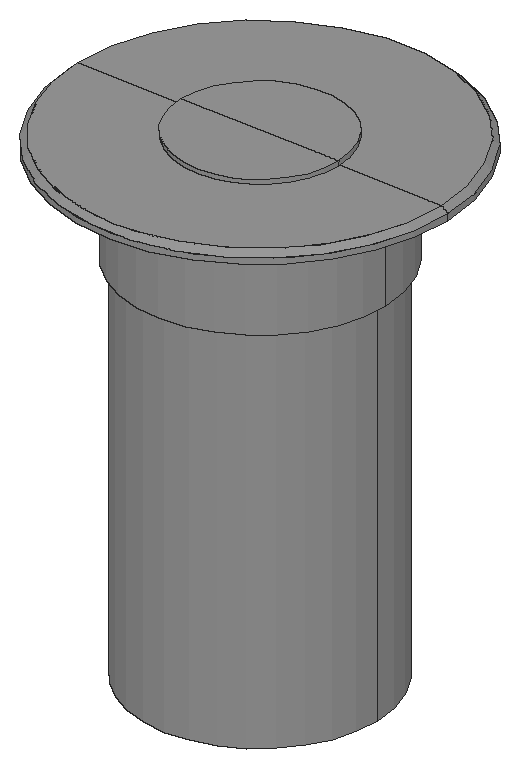
Revit family "Interrata - Copy - Copy (2)", category Lighting Fixtures, host Face, Revit 2017
Family settings
  Host = Face
  Round Connector Dimension = Use Diameter
  Part Type = Normal
  OmniClass Number = 23.80.70.00
  OmniClass Title = Lighting
  Cut with Voids When Loaded = No
  Light Source = No
  Shared = No
  Room Calculation Point = No
Parameters (values of type "0049037")
  XS_SYL = yes
  Weight = ""
  Wattage Comments = ""
  WarrantyStartDate [instance] = "n/a"
  WarrantyGuarantorParts = "n/a"
  WarrantyDurationUnit = "n/a"
  WarrantyDurationParts = "n/a"
  WarrantyDescription = "n/a"
  Voltage = 0 V
  URL = "http://www.sylvania-lighting.com"
  TypeName = ""
  TypeLamp_SYL = Interrata Lamp : 0049037 INTERRATA XS  FROSTED 100LM 840 
  Type Image = <None>
  Type Comments = "n/a"
  Thickness_SYL = 2.5 mm  # constant formula
  Step2_SYL = if(XS_SYL, 99.8 mm, if(S_SYL, 121 mm, if(L_SYL, 236 mm, 206 mm)))  # 99.8 mm
  Step1_SYL = if(XS_SYL, 26.2 mm, if(S_SYL, 15 mm, if(L_SYL, 19.5 mm, 17.5 mm)))  # 26.2 mm
  SerialNumber [instance] = "n/a"
  S_SYL = no
  RotationAngle_SYL [instance] = 0.00°
  RingHeight_SYL = if(XS_SYL, 3 mm, if(S_SYL, 3 mm, if(L_SYL, 4 mm, 2.8 mm)))  # 3 mm
  RevolutionAxisFromRefLevel_SYL = if(XS_SYL, 27 mm, if(S_SYL, 45 mm, if(L_SYL, 74 mm, 59.5 mm)))  # 27 mm
  Radius_SYL = if(XS_SYL, 50 mm, if(S_SYL, 60 mm, if(L_SYL, 130 mm, 100 mm)))  # 50 mm
  Radius3_SYL = if(XS_SYL, 31.5 mm, if(S_SYL, 41.7 mm, if(L_SYL, 112 mm, 96 mm)))  # 31.5 mm
  Radius2_SYL = if(XS_SYL, 33.5 mm, if(S_SYL, 53 mm, if(L_SYL, 124 mm, 98 mm)))  # 33.5 mm
  Material_3_SYL = none
  PowerFactor = 0
  PowerConsumption = ""
  NominalLength = 0 mm
  NominalHeight = 0 mm
  NominalDepth = 0 mm
  Name = ""
  ModelReference = Name  # ""
  ModelNumber = ""
  Model = Name  # ""
  Material = ""
  ManufacturerName = "Feilo Sylvania"
  Manufacturer = "Feilo Sylvania"
  L_SYL = no
  LuminousEfficacy = ""
  LuminaireType = ""
  LightOutputRatio = ""
  LampsType = Lamp  # ""
  EndAngle_SYL [instance] = RotationAngle_SYL + 180.00°  # 180.00°
  BodyThickness_SYL = 3 mm  # constant formula
  BodyHeight3_SYL = if(XS_SYL, 80 mm, if(S_SYL, 45 mm, if(L_SYL, 21 mm, 29.4 mm)))  # 80 mm
  BodyRad_SYL = if(XS_SYL, 30 mm, if(S_SYL, 50 mm, if(L_SYL, 120 mm, 95 mm)))  # 30 mm
  LampNominalLuminous = ""
  LampMacAdamStep = ""
  BodyRad2_SYL = if(XS_SYL, 16.5 mm, if(S_SYL, 35.5 mm, if(L_SYL, 82.5 mm, 54.5 mm)))  # 16.5 mm
  BodyRad1_SYL = if(XS_SYL, 23.6 mm, if(S_SYL, 35.5 mm, if(L_SYL, 99.4 mm, 68.5 mm)))  # 23.6 mm
  BodyHeight4_SYL = if(XS_SYL, 5.5 mm, if(S_SYL, 45 mm, if(L_SYL, 82.2 mm, 66.6 mm)))  # 5.5 mm
  BodyHeight2_SYL = if(XS_SYL, 4.5 mm, if(S_SYL, 5.5 mm, if(L_SYL, 34 mm, 19.5 mm)))  # 4.5 mm
  BodyHeight1_SYL = if(XS_SYL, 4.5 mm, if(S_SYL, 4 mm, if(L_SYL, 14 mm, 9.5 mm)))  # 4.5 mm
  LampColourTemperature = ""
  LampColourRenderingIndex = ""
  Lamp = ""
  Keynote = "16500"
  InstallationDate [instance] = "n/a"
  InputVoltage = ""
  InputNominalFrequency = ""
  IngressProtection = ""
  ImpactProtectionIndex = ""
  IfcExportType = "IfcLightFixtureType"
  IfcExportAs = "IfcLightFixtureType"
  ElectricShockClassification = ""
  DocumentationLiterature = ""
  DimmingControlOptions = ""
  Material_2_SYL = Polycarbonate, Clear
  DiffuserRad_SYL = if(XS_SYL, 21 mm, if(S_SYL, 33 mm, if(L_SYL, 94 mm, 66 mm)))  # 21 mm
  Description = ""
  Default Elevation = 100 mm
  CreatedOn = ""
  CreatedBy = ""
  Cost = 0
  built-in parameter 1114216 [instance] = (empty or 0)
  ClassificationValue = "EF_70_80"
  ClassificationName = "Uniclass2015"
  Material_1_SYL = Stainless Steel
  Chamfer_SYL = 1.5 mm  # constant formula
  BarCode [instance] = "n/a"
  AssetType = ""
  AssetIdentifier [instance] = "n/a"
  Assembly Code = "D5020200"
  Apparent Load = 0 VA
  Material_4_SYL = none
Types (10, lengths in mm): name | XS_SYL | TypeLamp_SYL | Step2_SYL | Step1_SYL | S_SYL | RingHeight_SYL | RevolutionAxisFromRefLevel_SYL | Radius_SYL | Radius3_SYL | Radius2_SYL | L_SYL | BodyHeight3_SYL | BodyRad_SYL | BodyRad2_SYL | BodyRad1_SYL | BodyHeight4_SYL | BodyHeight2_SYL | BodyHeight1_SYL | DiffuserRad_SYL
  0049036 | yes | Interrata Lamp : 0049036 INTERRATA XS  FROSTED 100LM 830  | 99.8 | 26.2 | no | 3 | 27 | 50 | 31.5 | 33.5 | no | 80 | 30 | 16.5 | 23.6 | 5.5 | 4.5 | 4.5 | 21
  0049042 | no | Interrata Lamp : 0049042 INTERRATA ADJUSTABLE M  CL 1000LM 830 MB | 206 | 17.5 | no | 2.8 | 59.5 | 100 | 96 | 98 | no | 29.4 | 95 | 54.5 | 68.5 | 66.6 | 19.5 | 9.5 | 66
  0049043 | no | Interrata Lamp : 0049043 INTERRATA ADJUSTABLE M  CL 1000LM 840 MB | 206 | 17.5 | no | 2.8 | 59.5 | 100 | 96 | 98 | no | 29.4 | 95 | 54.5 | 68.5 | 66.6 | 19.5 | 9.5 | 66
  0049044 | no | Interrata Lamp : 0049044 INTERRATA ADJUSTABLE L  CL 2000LM 830 MB | 236 | 19.5 | no | 4 | 74 | 130 | 112 | 124 | yes | 21 | 120 | 82.5 | 99.4 | 82.2 | 34 | 14 | 94
  0049037 | yes | Interrata Lamp : 0049037 INTERRATA XS  FROSTED 100LM 840  | 99.8 | 26.2 | no | 3 | 27 | 50 | 31.5 | 33.5 | no | 80 | 30 | 16.5 | 23.6 | 5.5 | 4.5 | 4.5 | 21
  0049039 | yes | Interrata Lamp : 0049039 INTERRATA XS  CLEAR 100LM 840 NB | 99.8 | 26.2 | no | 3 | 27 | 50 | 31.5 | 33.5 | no | 80 | 30 | 16.5 | 23.6 | 5.5 | 4.5 | 4.5 | 21
  0049038 | yes | Interrata Lamp : 0049038 INTERRATA XS  CLEAR 100LM 830 NB | 99.8 | 26.2 | no | 3 | 27 | 50 | 31.5 | 33.5 | no | 80 | 30 | 16.5 | 23.6 | 5.5 | 4.5 | 4.5 | 21
  0049040 | no | Interrata Lamp : 0049040 INTERRATA ADJUSTABLE S  CL 400LM 830 MB | 121 | 15 | yes | 3 | 45 | 60 | 41.7 | 53 | no | 45 | 50 | 35.5 | 35.5 | 45 | 5.5 | 4 | 33
  0049041 | no | Interrata Lamp : 0049041 INTERRATA ADJUSTABLE S  CL 400LM 840 MB | 121 | 15 | yes | 3 | 45 | 60 | 41.7 | 53 | no | 45 | 50 | 35.5 | 35.5 | 45 | 5.5 | 4 | 33
  0049045 | no | Interrata Lamp : 0049045 INTERRATA ADJUSTABLE L  CL 2000LM 840 MB | 236 | 19.5 | no | 4 | 74 | 130 | 112 | 124 | yes | 21 | 120 | 82.5 | 99.4 | 82.2 | 34 | 14 | 94
Reference planes
  plane 1 "Center (Front/Back)": y = 0
  plane 2: z = 1.5
  plane 3 "Center (Left/Right)": x = 0
  plane 4: z = 3
  plane 5: x = -21
  plane 6: x = -48.5
  plane 7: x = -50
  plane 8: x = -33.5
  plane 9: z = 4
  plane 10: z = -26.2
  plane 11: z = -126
  plane 12: x = -31.5
  plane 13: x = -30
  plane 14: z = -4.5
  plane 15: z = -9
  plane 16: x = -31
  plane 17: z = -23.7
  plane 18: x = -29
  plane 19: z = -89
  plane 20: z = -94.5
  plane 21: x = -23.6
  plane 22: x = -16.5
  plane 23: x = -27
  plane 24: x = -20.6
  plane 25: x = -13.5
  plane 26: z = -91.5
  plane 27: z = -1.5
  plane 28: z = -27
Forms (mm)
  Revolve 1, solid, material "Stainless Steel" <- "Material_1_SYL"
    sketch origin (0, 0, 0) x (1, 0, 0) y (0, 0, 1)
      loop
        line (-21, 3) -> (-48.5, 3) -> (-50, 1.5) -> (-50, 0) -> (-33.5, 0) -> (-33.5, -26.2) -> (-31.5, -26.2) -> (-31.5, -126) -> (-29, -126) -> (-29, -23.7) -> (-31, -23.7) -> (-31, 0) -> (-21, 0) -> (-21, 3)
      axis (0, 3) -> (0, -126)
    angle from 360 to 0
  Revolve 2, void
    sketch origin (0, 0, 0) x (1, 0, 0) y (0, 0, 1)
      loop
        line (-33.5, 0) -> (-33.5, -126) -> (0, -126) -> (0, 0) -> (-33.5, 0)
      axis (0, 0) -> (0, -126)
    angle from 360 to 0
  Revolve 3, solid, material "Polycarbonate, Clear" <- "Material_2_SYL", detail levels medium+fine
    sketch origin (0, 0, 0) x (1, 0, 0) y (0, 0, 1)
      loop
        line (0, 4) -> (-21, 4) -> (-21, 1.5) -> (0, 1.5) -> (0, 4)
      axis (0, 4) -> (0, 1.5)
    angle from 360 to 0
  Revolve 4, solid, detail levels medium+fine
    sketch origin (0, 0, 0) x (1, 0, 0) y (0, 0, 1)
      loop
        line (-27, 0) -> (-30, 0) -> (-30, -4.5) -> (-23.6, -4.5) -> (-23.6, -9) -> (-16.5, -89) -> (-16.5, -94.5) -> (0, -94.5) -> (0, -91.5) -> (-13.5, -91.5) -> (-13.5, -88.322) -> (-20.6, -8.322) -> (-20.6, -1.5) -> (-27, -1.5) -> (-27, 0)
      axis (0, 0) -> (0, -94.5)
    angle from 360 to 0
  Revolve 5, solid
    sketch origin (-1524.19, -4572, -27) x (-1, 0, 0) y (0, -1, 0)
      loop
        line (-1524.19, -4572) -> (-1524.19, -4582) -> (-1514.19, -4582) -> (-1514.19, -4572) -> (-1524.19, -4572)
      axis (-1524.19, -4582) -> (-1524.19, -4572)
    angle from 0 <- "RotationAngle_SYL" to 180 <- "EndAngle_SYL"
Dimensions and locks
  "DiffuserRad_SYL": plane 3 "Center (Left/Right)" to plane 5
  "Radius_SYL": plane 3 "Center (Left/Right)" to plane 7
  "Chamfer_SYL": plane 6 to plane 7
  "Radius2_SYL": plane 3 "Center (Left/Right)" to plane 8
  locked: plane 9 to plane 4 at 1
  "RingHeight_SYL": plane 4 to level
  "Chamfer_SYL": plane 4 to plane 2
  "Step1_SYL": level to plane 10
  "Step2_SYL": plane 10 to plane 11
  "Radius3_SYL": plane 3 "Center (Left/Right)" to plane 12
  "BodyRad_SYL": plane 3 "Center (Left/Right)" to plane 13
  "BodyHeight1_SYL": level to plane 14
  "BodyHeight2_SYL": plane 14 to plane 15
  "Thickness_SYL": plane 16 to plane 8
  "Thickness_SYL": plane 17 to plane 10
  "Thickness_SYL": plane 18 to plane 12
  "BodyHeight3_SYL": plane 15 to plane 19
  "BodyHeight4_SYL": plane 19 to plane 20
  "BodyRad1_SYL": plane 3 "Center (Left/Right)" to plane 21
  "BodyRad2_SYL": plane 3 "Center (Left/Right)" to plane 22
  "BodyThickness_SYL": plane 26 to plane 20
  "BodyThickness_SYL": plane 25 to plane 22
  "BodyThickness_SYL": plane 24 to plane 21
  "BodyThickness_SYL": plane 23 to plane 13
  "BodyThickness_SYL": plane 27 to plane 14
  "RevolutionAxisFromRefLevel_SYL": level to plane 28
  aligned and locked: level to host face
  aligned and locked: Revolve 1 sketch curve to plane 4
  aligned and locked: plane 7 to Revolve 1 sketch curve
  aligned and locked: Revolve 1 sketch curve to level
  aligned and locked: plane 10 to Revolve 1 sketch curve
  aligned and locked: Revolve 1 sketch curve to plane 12
  aligned and locked: plane 5 to Revolve 1 sketch curve
  aligned and locked: Revolve 1 sketch curve to plane 3 "Center (Left/Right)"
  aligned and locked: Revolve 1 sketch curve to plane 11
  aligned and locked: Revolve 2 sketch curve to plane 3 "Center (Left/Right)"  (x2)
  aligned and locked: Revolve 3 sketch curve to plane 9
  aligned and locked: Revolve 3 sketch curve to plane 5
  aligned and locked: Revolve 3 sketch curve to plane 2
  aligned and locked: plane 3 "Center (Left/Right)" to Revolve 3 sketch curve
  aligned and locked: Revolve 3 sketch curve to plane 3 "Center (Left/Right)"
  aligned and locked: Revolve 1 sketch curve to plane 18
  aligned and locked: plane 17 to Revolve 1 sketch curve
  aligned and locked: Revolve 4 sketch curve to plane 3 "Center (Left/Right)"  (x2)
  aligned and locked: Revolve 4 sketch curve to plane 26
  aligned and locked: Revolve 4 sketch curve to plane 20
  aligned and locked: Revolve 4 sketch curve to plane 22
  aligned and locked: Revolve 4 sketch curve to plane 25
  aligned and locked: plane 15 to Revolve 4 sketch curve
  aligned and locked: plane 21 to Revolve 4 sketch curve
  aligned and locked: Revolve 1 sketch curve to plane 8
  aligned and locked: Revolve 1 sketch curve to plane 16
  aligned and locked: plane 8 to Revolve 2 sketch curve
  aligned and locked: Revolve 2 sketch curve to level
  aligned and locked: Revolve 2 sketch curve to plane 11
  aligned and locked: Revolve 5 sketch curve to plane 1 "Center (Front/Back)"
  aligned and locked: Revolve 5 sketch curve to plane 3 "Center (Left/Right)"  (x2)
Automatic sketch dimensions
  host sketch curve to host sketch curve = 632.037 mm  (x2)
  plane 11 to Revolve 3 sketch curve = 386.1 mm
  Revolve 3 sketch curve to Revolve 3 sketch curve = 2605.258 mm
  Revolve 4 sketch curve to level = 0 mm
  Revolve 4 sketch curve to plane 13 = 0 mm
  Revolve 4 sketch curve to plane 23 = 0 mm
  Revolve 4 sketch curve to plane 14 = 0 mm
  Revolve 4 sketch curve to plane 24 = 0 mm
  Revolve 4 sketch curve to plane 19 = 0 mm
  Revolve 4 sketch curve to plane 27 = 0 mm
  plane 19 to Revolve 4 sketch curve = 0.678 mm
  plane 15 to Revolve 4 sketch curve = 0.678 mm
  plane 11 to Revolve 4 sketch curve = 386.1 mm
  Revolve 4 sketch curve to plane 9 = 2605.258 mm
  Revolve 1 sketch curve to plane 6 = 0 mm
  Revolve 1 sketch curve to level = 0 mm
  Revolve 1 sketch curve to plane 2 = 0 mm
  plane 11 to Revolve 1 sketch curve = 386.1 mm
  Revolve 1 sketch curve to plane 9 = 2605.258 mm
  plane 11 to Revolve 2 sketch curve = 386.1 mm
  Revolve 2 sketch curve to plane 9 = 2605.258 mm
  Revolve 5 sketch curve to plane 3 "Center (Left/Right)" = 10 mm
  Revolve 5 sketch curve to plane 1 "Center (Front/Back)" = 10 mm
  Revolve 5 sketch curve to Revolve 5 sketch curve = 1514 mm
  Revolve 5 sketch curve to Revolve 5 sketch curve = 1524 mm
Nested families
  nested 1: "Interrata Lamp" at (0, 0, -27) x (0, -1, 0) z (0, 0, 1), type <- "TypeLamp_SYL", type "0049037 INTERRATA XS  FROSTED 100LM 840 "
    with built-in parameter 1114216 (empty or 0)
Connectors
  electrical at (0, 0, -126), driven by "Voltage", driven by "Apparent Load", driven by "PowerFactor"
    settings: on Revolve 1, index 1, voltage 0 V, apparent load 0 VA, apparent load phase1 0 VA, apparent load phase2 0 VA, apparent load phase3 0 VA, power factor 0, load classification "Other", number of poles 1, system type 30, power factor state 1, is connector primary yes, connector utility no, sub classification motor no, connector description ""
Definition of nested family "Interrata Lamp"
  Parameters (values of type "0049038 INTERRATA XS  CLEAR 100LM 830 NB")
    XS_SYL = yes
    Wattage Comments = "n/a"
    Wattage = 0 W
    built-in parameter 1150110 = 1 (stored number, unit not read)
    URL = "http://www.sylvania-lighting.com"
    Type Image = (empty or 0)
    Type Comments = "n/a"
    built-in parameter 1114217 = 1 (stored number, unit not read)
    Tilt Angle = -90.00°
    built-in parameter 1150109 = 1 (stored number, unit not read)
    built-in parameter 1150134 = (empty or 0)
    built-in parameter 1150113 = 1 (stored number, unit not read)
    S_SYL = no
    Rad_SYL = if(XS_SYL, 27.5 mm, if(S_SYL, 17 mm, if(L_SYL, 36 mm, 41 mm)))  # 27.5 mm
    Rad4_SYL = if(XS_SYL, 11 mm, if(S_SYL, 20 mm, if(L_SYL, 55 mm, 40 mm)))  # 11 mm
    Rad3_SYL = if(XS_SYL, 12.5 mm, if(S_SYL, 24 mm, if(L_SYL, 57 mm, 41 mm)))  # 12.5 mm
    Rad2_SYL = if(XS_SYL, 20.2 mm, if(S_SYL, 29 mm, if(L_SYL, 75 mm, 51.5 mm)))  # 20.2 mm
    Photometric Web File = ""
    built-in parameter 1150142 = (empty or 0)
    Material_3_SYL = none
    Model = "INTERRATA XS IP67 CLEAR 100LM 830 NB"
    Manufacturer = "Feilo Sylvania"
    built-in parameter 1150105 = (empty or 0)
    Lumens = 0 lm
    built-in parameter 1150115 = 1 (stored number, unit not read)
    built-in parameter 1150137 = (empty or 0)
    built-in parameter 1150139 = (empty or 0)
    built-in parameter 1150112 = 1 (stored number, unit not read)
    built-in parameter 1150114 = 1 (stored number, unit not read)
    Lamp = "LED"
    L_SYL = no
    Keynote = "16500"
    Material_2_SYL = none
    built-in parameter 1150132 = (empty or 0)
    built-in parameter 1150102 = (empty or 0)
    built-in parameter 1150107 = (empty or 0)
    built-in parameter 1150138 = (empty or 0)
    built-in parameter 1150106 = 1.0982 (stored number, unit not read)
    Height4_SYL = if(XS_SYL, 9.1 mm, if(S_SYL, 10 mm, if(L_SYL, 22 mm, 10.5 mm)))  # 9.1 mm
    Height3_SYL = if(XS_SYL, 4 mm, if(S_SYL, 8 mm, if(L_SYL, 8.7 mm, 6.7 mm)))  # 4 mm
    Height2_SYL = if(XS_SYL, 7.4 mm, if(S_SYL, 2 mm, if(L_SYL, 2 mm, 2 mm)))  # 7.4 mm
    Height1_SYL = if(XS_SYL, 6.5 mm, if(S_SYL, 8.3 mm, if(L_SYL, 19.5 mm, 18.3 mm)))  # 6.5 mm
    Emit from Circle Diameter = Rad_SYL * 2  # 55 mm
    Emit Shape Visible in Rendering = no
    built-in parameter 1150104 = (empty or 0)
    Dimming Lamp Color Temperature Shift = (empty or 0)
    Description = ""
    Default Elevation = 1219.2 mm
    Cost = 0
    Color Filter = 16777215
    built-in parameter 1114216 [instance] = (empty or 0)
    Material_1_SYL = none
    BottomFromRefLevel = if(XS_SYL, 0.1 mm, if(S_SYL, 4 mm, if(L_SYL, 7 mm, 0.1 mm)))  # 0.1 mm
    built-in parameter 1114218 = 1 (stored number, unit not read)
    built-in parameter 1150133 = 10 (stored number, unit not read)
    Assembly Code = "D5020200"
    Apparent Load = 0 VA
    Material_4_SYL = none
  Types (16, lengths in mm): name | XS_SYL | S_SYL | Rad_SYL | Rad4_SYL | Rad3_SYL | Rad2_SYL | Model | L_SYL | Height4_SYL | Height3_SYL | Height2_SYL | Height1_SYL | Emit from Circle Diameter | BottomFromRefLevel
    0049051 INTERRATA ADJUSTABLE L HONEYCOMB | no | no | 36 | 55 | 57 | 75 | "INTERRATA ADJUSTABLE L HONEYCOMB" | yes | 22 | 8.7 | 2 | 19.5 | 72 | 7
    0049050 INTERRATA ADJUSTABLE M HONEYCOMB | no | no | 41 | 40 | 41 | 51.5 | "INTERRATA ADJUSTABLE M HONEYCOMB" | no | 10.5 | 6.7 | 2 | 18.3 | 82 | 0.1
    0049049 INTERRATA ADJUSTABLE S HONEYCOMB | no | yes | 17 | 20 | 24 | 29 | "INTERRATA ADJUSTABLE S HONEYCOMB" | no | 10 | 8 | 2 | 8.3 | 34 | 4
    0049048 INTERRATA ADJUSTABLE L  FROSTED GLASS | no | no | 36 | 55 | 57 | 75 | "INTERRATA ADJUSTABLE L  FROSTED GLASS" | yes | 22 | 8.7 | 2 | 19.5 | 72 | 7
    0049047 INTERRATA ADJUSTABLE M FROSTED GLASS | no | no | 41 | 40 | 41 | 51.5 | "INTERRATA ADJUSTABLE M FROSTED GLASS" | no | 10.5 | 6.7 | 2 | 18.3 | 82 | 0.1
    0049046 INTERRATA ADJUSTABLE S FROSTED GLASS | no | yes | 17 | 20 | 24 | 29 | "INTERRATA ADJUSTABLE S FROSTED GLASS" | no | 10 | 8 | 2 | 8.3 | 34 | 4
    0049045 INTERRATA ADJUSTABLE L  CL 2000LM 840 MB | no | no | 36 | 55 | 57 | 75 | "INTERRATA ADJUSTABLE L IP67 CLEAR 2000LM 840 MB" | yes | 22 | 8.7 | 2 | 19.5 | 72 | 7
    0049044 INTERRATA ADJUSTABLE L  CL 2000LM 830 MB | no | no | 36 | 55 | 57 | 75 | "INTERRATA ADJUSTABLE L IP67 CLEAR 2000LM 830 MB" | yes | 22 | 8.7 | 2 | 19.5 | 72 | 7
    0049043 INTERRATA ADJUSTABLE M  CL 1000LM 840 MB | no | no | 41 | 40 | 41 | 51.5 | "INTERRATA ADJUSTABLE M IP67 CLEAR 1000LM 840 MB" | no | 10.5 | 6.7 | 2 | 18.3 | 82 | 0.1
    0049042 INTERRATA ADJUSTABLE M  CL 1000LM 830 MB | no | no | 41 | 40 | 41 | 51.5 | "INTERRATA ADJUSTABLE M IP67 CLEAR 1000LM 830 MB" | no | 10.5 | 6.7 | 2 | 18.3 | 82 | 0.1
    0049041 INTERRATA ADJUSTABLE S  CL 400LM 840 MB | no | yes | 17 | 20 | 24 | 29 | "INTERRATA ADJUSTABLE S IP67 CLEAR 400LM 840 MB" | no | 10 | 8 | 2 | 8.3 | 34 | 4
    0049040 INTERRATA ADJUSTABLE S  CL 400LM 830 MB | no | yes | 17 | 20 | 24 | 29 | "INTERRATA ADJUSTABLE S IP67 CLEAR 400LM 830 MB" | no | 10 | 8 | 2 | 8.3 | 34 | 4
    0049039 INTERRATA XS  CLEAR 100LM 840 NB | yes | no | 27.5 | 11 | 12.5 | 20.2 | "INTERRATA XS IP67 CLEAR 100LM 840 NB" | no | 9.1 | 4 | 7.4 | 6.5 | 55 | 0.1
    0049038 INTERRATA XS  CLEAR 100LM 830 NB | yes | no | 27.5 | 11 | 12.5 | 20.2 | "INTERRATA XS IP67 CLEAR 100LM 830 NB" | no | 9.1 | 4 | 7.4 | 6.5 | 55 | 0.1
    0049037 INTERRATA XS  FROSTED 100LM 840 | yes | no | 27.5 | 11 | 12.5 | 20.2 | "INTERRATA XS IP67 FROSTED 100LM 840" | no | 9.1 | 4 | 7.4 | 6.5 | 55 | 0.1
    0049036 INTERRATA XS  FROSTED 100LM 830 | yes | no | 27.5 | 11 | 12.5 | 20.2 | "INTERRATA XS IP67 FROSTED 100LM 830" | no | 9.1 | 4 | 7.4 | 6.5 | 55 | 0.1
  Reference planes
    plane 1 "Center (Front/Back)": y = 0
    plane 2: z = 0
    plane 3 "Center (Left/Right)": x = 0
    plane 4: z = -0.1
    plane 5: z = 9
    plane 6: z = 13
    plane 7: z = 20.4
    plane 8: z = 26.9
    plane 9: x = -11
    plane 10: x = -12.5
    plane 11: x = -20.2
    plane 12: x = -27.5
  Forms (mm)
    Extrusion 1, solid
      sketch origin (4.2, 0, 0) x (1, 0, 0) y (0, 1, 0)
        loop
          line (-43.406, 38.688) -> (-43.406, -41.283) -> (36.565, -41.283) -> (36.565, 38.688) -> (-43.406, 38.688)
      from 0 to -68.017
    Revolve 2, solid, material <- "Material_1_SYL"
      sketch origin (0, 0, 0) x (1, 0, 0) y (0, 0, 1)
        loop
          line (0, 26.9) -> (-27.5, 26.9) -> (-27.5, 20.4) -> (-20.2, 20.4) -> (-20.2, 13) -> (-12.5, 13) -> (-12.5, 9) -> (-11, 9) -> (-11, -0.1) -> (0, -0.1) -> (0, 26.9)
        axis (0, 26.9) -> (0, -0.1)
      angle from 360 to 0
  Dimensions and locks
    "BottomFromRefLevel": level to plane 4
    "Height4_SYL": plane 5 to plane 4
    "Height3_SYL": plane 6 to plane 5
    "Height2_SYL": plane 7 to plane 6
    "Height1_SYL": plane 8 to plane 7
    "Rad4_SYL": plane 3 "Center (Left/Right)" to plane 9
    "Rad3_SYL": plane 3 "Center (Left/Right)" to plane 10
    "Rad2_SYL": plane 3 "Center (Left/Right)" to plane 11
    "Rad_SYL": plane 3 "Center (Left/Right)" to plane 12
    aligned and locked: plane 2 to Extrusion 1
    aligned and locked: level to Extrusion 1
    aligned and locked: Revolve 2 sketch curve to plane 3 "Center (Left/Right)"
    aligned and locked: plane 8 to Revolve 2 sketch curve
    aligned and locked: Revolve 2 sketch curve to plane 12
    aligned and locked: Revolve 2 sketch curve to plane 7
    aligned and locked: Revolve 2 sketch curve to plane 11
    aligned and locked: Revolve 2 sketch curve to plane 6
    aligned and locked: Revolve 2 sketch curve to plane 10
    aligned and locked: Revolve 2 sketch curve to plane 9
    aligned and locked: Revolve 2 sketch curve to plane 5
    aligned and locked: Revolve 2 sketch curve to plane 4
    aligned and locked: plane 3 "Center (Left/Right)" to Revolve 2 sketch curve
    aligned and locked: plane 8 to imposter light
    aligned and locked: plane 3 "Center (Left/Right)" to imposter light
  Automatic sketch dimensions
    Revolve 2 sketch curve to level = 609.6 mm
    Revolve 2 sketch curve to Revolve 2 sketch curve = 2572.058 mm
    Extrusion 1 sketch curve to Extrusion 1 sketch curve = 79.971 mm  (x2)
